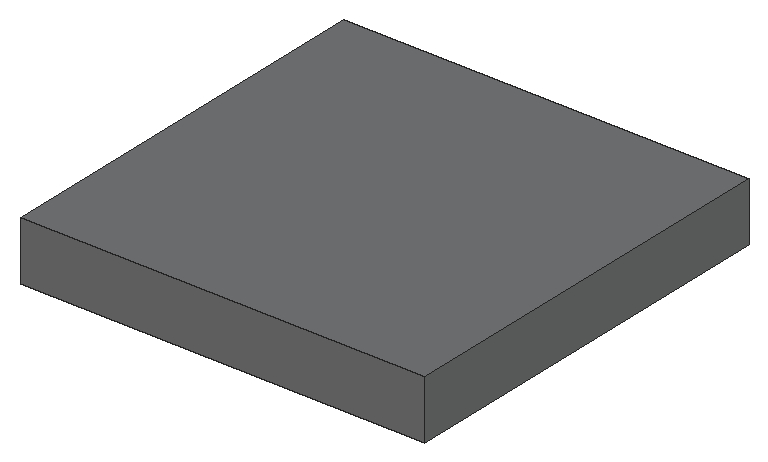
Revit family "Gira_0276005", category Electrical Fixtures, host Face, Revit 2017
Family settings
  Host = Face
  Maintain Annotation Orientation = No
  Round Connector Dimension = Use Diameter
  Part Type = Normal
  Cut with Voids When Loaded = No
  Shared = No
  Room Calculation Point = No
Parameters (values of type "Abd. TAE USB System 55 Schwarz m")
  Zusammenstellung = "Zentralplatte"
  Werkstoffgüte = "sonstige"
  Werkstoff = "Kunststoff"
  Verwendung = "TAE"
  URL = "http://katalog.gira.de/de_DE/datenblatt.html?artikelnr=0276005"
  Transparent = "No"
  Tragring = "No"
  Region = "DE"
  Oberfläche = "sonstige"
  Name = "Abd. TAE USB System 55 Schwarz m"
  Montageart = "unter Putz"
  Mit Zugentlastung = "No"
  Mit Staubschutz = "No"
  Mit Klappdeckel = "No"
  Mit Aufdruck = "No"
  Manufacturer URL = "https://www.gira.de/"
  Lüsterklemme = "No"
  Keynote = "Sys55_Abdeckung_Schalten und Tasten"
  HeinzeBIM = "https://bimportal.heinze.de/bim/abd-tae-usb-system-55-schwarz-m/bd5cafce676037a43935aedbfa67b792c6142c05"
  Halogenfrei = "Yes"
  HAN = "0276005"
  Geeignet für Schutzart (IP) = "IP20"
  GTIN = "4010337036685"
  Farbe = "schwarz"
  Default Elevation = 1219.2 mm
  Data sheet (1) = "https://katalog.gira.de/de_DE/download.html?artikelnr=0276005"
  Category = "Einsatz/Abdeckung für Kommunikationstechnik"
  Beschriftungsfeld = "ohne Beschriftungsfeld"
  Befestigungsart = "Befestigung mit Schraube"
  Available = "Yes"
  Ausführung der Oberfläche = "matt"
  Anthrazit [instance] = Anthrazit
Reference planes
  plane 1 "Center (Front/Back)": y = 0
  plane 2: z = 0
  plane 3 "Center (Left/Right)": x = 0
Forms (mm)
  Extrusion 1, solid, material "Anthrazit" <- "Anthrazit", detail levels fine
    sketch origin (0, 0, 0) x (1, 0, 0) y (0, 1, 0)
      loop
        line (-27.5, 27.5) -> (-27.5, -27.5) -> (27.5, -27.5) -> (27.5, 27.5) -> (-27.5, 27.5)
    from 0 to 8
  Extrusion 2, void
    sketch origin (0, 0, 0) x (1, 0, 0) y (0, 1, 0)
      loop
        line (26, 26) -> (-26, 26) -> (-26, -26) -> (26, -26) -> (26, 26)
    from 0 to 6
  Extrusion 3, solid, material "Anthrazit" <- "Anthrazit", detail levels medium
    sketch origin (0, 0, 0) x (1, 0, 0) y (0, 1, 0)
      loop
        line (-27.5, 27.5) -> (-27.5, -27.5) -> (27.5, -27.5) -> (27.5, 27.5) -> (-27.5, 27.5)
    from 0 to 8
  Extrusion 4, solid, material "Anthrazit" <- "Anthrazit", detail levels medium
    sketch origin (0, 0, 0) x (1, 0, 0) y (0, 1, 0)
      loop
        line (11, -17.5) -> (11, 17.5) -> (-11, 17.5) -> (-11, -17.5) -> (11, -17.5)
    from -6 to 6
  Extrusion 5, solid, material "Anthrazit" <- "Anthrazit", detail levels fine
    sketch origin (0, 0, 0) x (1, 0, 0) y (0, 1, 0)
      loop
        line (11, 17.5) -> (-11, 17.5) -> (-11, 16.5) -> (11, 16.5) -> (11, 17.5)
      loop
        line (-11, -16.5) -> (-11, -17.5) -> (11, -17.5) -> (11, -16.5) -> (-11, -16.5)
    from -4 to 6
  Extrusion 6, solid, material "Anthrazit" <- "Anthrazit", detail levels fine
    sketch origin (0, 0, 0) x (1, 0, 0) y (0, 1, 0)
      loop
        arc (5, 9.347) -> (0, 10.6) -> (-5, 9.347) r 10.6
        line (-5, 9.347) -> (-5, -9.347)
        arc (-5, -9.347) -> (0, -10.6) -> (5, -9.347) r 10.6
        line (5, -9.347) -> (5, 9.347)
    from -6 to 6
  Extrusion 7, solid, material "Anthrazit" <- "Anthrazit", detail levels coarse
    sketch origin (0, 0, 0) x (1, 0, 0) y (0, 1, 0)
      loop
        line (-27.5, 27.5) -> (-27.5, -27.5) -> (27.5, -27.5) -> (27.5, 27.5) -> (-27.5, 27.5)
    from -6 to 8
Cuts and joins
  Extrusion 2 cuts Extrusion 1
Dimensions and locks
  aligned and locked: plane 2 to host face
  aligned and locked: level to host face
